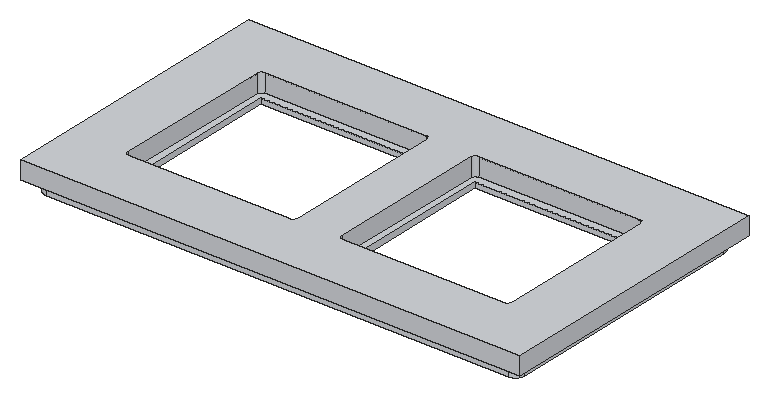
Revit family "Gira_0212126", category Electrical Fixtures, host Face, Revit 2017
Family settings
  Host = Face
  Maintain Annotation Orientation = No
  Round Connector Dimension = Use Diameter
  Part Type = Normal
  Cut with Voids When Loaded = No
  Shared = No
  Room Calculation Point = No
Parameters (values of type "Abdeckrahmen 2f Gira Esprit Alum.Schwarz")
  Werkstoffgüte = "aluminium"
  Werkstoff = "Metall"
  URL = "http://katalog.gira.de/de_DE/datenblatt.html?artikelnr=0212126"
  Transparent = "No"
  Textfeld/Beschriftungsfläche = "No"
  Schutzart (IP) = "IP20"
  Region = "DE"
  Oberfläche = "sonstige"
  Name = "Abdeckrahmen 2f Gira Esprit Alum.Schwarz"
  Montagerichtung = "horizontal und vertikal"
  Mit Montagerahmen = "No"
  Mit Klappdeckel = "No"
  Manufacturer URL = "https://www.gira.de/"
  Keynote = "Espr._Rahmen_2fach"
  HeinzeBIM = "https://bimportal.heinze.de/bim/abdeckrahmen-2f-gira-esprit-alum-schwarz/338c89755d987bff82f9b63c554c02a872f2e644"
  Halogenfrei = "No"
  HAN = "0212126"
  Geeignet für Unterputz-Installation = "Yes"
  Geeignet für Unterflurkanaldose = "No"
  Geeignet für Geräteeinbaukanal = "No"
  Geeignet für Einbauinstallation = "No"
  GTIN = "4010337109020"
  Farbe = "schwarz"
  Default Elevation = 1219.2 mm
  Data sheet (1) = "https://katalog.gira.de/de_DE/download.html?artikelnr=0212126"
  Category = "Abdeckrahmen"
  Befestigungsart = "Klemmbefestigung"
  Available = "Yes"
  Anzahl der Einheiten vertikal = "2 "
  Anzahl der Einheiten horizontal = "2 "
  Anzahl der Einheiten = "2 "
Reference planes
  plane 1 "Center (Front/Back)": y = 0
  plane 2: z = 0
  plane 3 "Center (Left/Right)": x = 0
Forms (mm)
  Extrusion 1, solid, detail levels fine
    sketch origin (0, 0, 0) x (1, 0, 0) y (0, 1, 0)
      loop
        line (-83, 47.5) -> (-83, -47.5) -> (83, -47.5) -> (83, 47.5) -> (-83, 47.5)
      loop
        arc (-63.75, -26.7) -> (-63.311, -27.761) -> (-62.25, -28.2) r 1.5
        line (-62.25, -28.2) -> (-8.85, -28.2)
        arc (-8.85, -28.2) -> (-7.789, -27.761) -> (-7.35, -26.7) r 1.5
        line (-7.35, -26.7) -> (-7.35, 26.7)
        arc (-7.35, 26.7) -> (-7.789, 27.761) -> (-8.85, 28.2) r 1.5
        line (-8.85, 28.2) -> (-62.25, 28.2)
        arc (-62.25, 28.2) -> (-63.311, 27.761) -> (-63.75, 26.7) r 1.5
        line (-63.75, 26.7) -> (-63.75, -26.7)
      loop
        line (63.75, -26.7) -> (63.75, 26.7)
        arc (63.75, 26.7) -> (63.311, 27.761) -> (62.25, 28.2) r 1.5
        line (62.25, 28.2) -> (8.85, 28.2)
        arc (8.85, 28.2) -> (7.789, 27.761) -> (7.35, 26.7) r 1.5
        line (7.35, 26.7) -> (7.35, -26.7)
        arc (7.35, -26.7) -> (7.789, -27.761) -> (8.85, -28.2) r 1.5
        line (8.85, -28.2) -> (62.25, -28.2)
        arc (62.25, -28.2) -> (63.311, -27.761) -> (63.75, -26.7) r 1.5
    from 0 to 6
  Extrusion 2, solid, detail levels fine
    sketch origin (0, 0, 0) x (1, 0, 0) y (0, 1, 0)
      loop
        line (-61.45, -25.7) -> (-9.65, -25.7) -> (-9.65, 25.7) -> (-61.45, 25.7) -> (-61.45, -25.7)
      loop
        line (61.45, 25.7) -> (9.65, 25.7) -> (9.65, -25.7) -> (61.45, -25.7) -> (61.45, 25.7)
      loop
        arc (-78.454, -41.3) -> (-77.927, -42.573) -> (-76.654, -43.1) r 1.8
        line (-76.654, -43.1) -> (76.654, -43.1)
        arc (76.654, -43.1) -> (77.927, -42.573) -> (78.454, -41.3) r 1.8
        line (78.454, -41.3) -> (78.454, 41.3)
        arc (78.454, 41.3) -> (77.927, 42.573) -> (76.654, 43.1) r 1.8
        line (76.654, 43.1) -> (-76.654, 43.1)
        arc (-76.654, 43.1) -> (-77.927, 42.573) -> (-78.454, 41.3) r 1.8
        line (-78.454, 41.3) -> (-78.454, -41.3)
    from -1.9 to 0
  Extrusion 3, solid, detail levels fine
    sketch origin (0, 0, 0) x (1, 0, 0) y (0, 1, 0)
      loop
        arc (-76.75, 44.4) -> (-78.871, 43.521) -> (-79.75, 41.4) r 3
        line (-79.75, 41.4) -> (-79.75, -41.4)
        arc (-79.75, -41.4) -> (-78.871, -43.521) -> (-76.75, -44.4) r 3
        line (-76.75, -44.4) -> (76.75, -44.4)
        arc (76.75, -44.4) -> (78.871, -43.521) -> (79.75, -41.4) r 3
        line (79.75, -41.4) -> (79.75, 41.4)
        arc (79.75, 41.4) -> (78.871, 43.521) -> (76.75, 44.4) r 3
        line (76.75, 44.4) -> (-76.75, 44.4)
      loop
        arc (-78.55, -41.4) -> (-78.023, -42.673) -> (-76.75, -43.2) r 1.8
        line (-76.75, -43.2) -> (76.75, -43.2)
        arc (76.75, -43.2) -> (78.023, -42.673) -> (78.55, -41.4) r 1.8
        line (78.55, -41.4) -> (78.55, 41.4)
        arc (78.55, 41.4) -> (78.023, 42.673) -> (76.75, 43.2) r 1.8
        line (76.75, 43.2) -> (-76.75, 43.2)
        arc (-76.75, 43.2) -> (-78.023, 42.673) -> (-78.55, 41.4) r 1.8
        line (-78.55, 41.4) -> (-78.55, -41.4)
    from -3.7 to 0
  Extrusion 4, solid, detail levels medium
    sketch origin (0, 0, 0) x (1, 0, 0) y (0, 1, 0)
      loop
        line (-83, 47.5) -> (-83, -47.5) -> (83, -47.5) -> (83, 47.5) -> (-83, 47.5)
    from 0 to 6
  Extrusion 5, solid, detail levels medium
    sketch origin (0, 0, 0) x (1, 0, 0) y (0, 1, 0)
      loop
        line (-79.75, 44.4) -> (-79.75, -44.4) -> (79.75, -44.4) -> (79.75, 44.4) -> (-79.75, 44.4)
    from -3.7 to 0
  Extrusion 6, solid, detail levels coarse
    sketch origin (0, 0, 0) x (1, 0, 0) y (0, 1, 0)
      loop
        line (-83, 47.5) -> (-83, -47.5) -> (83, -47.5) -> (83, 47.5) -> (-83, 47.5)
    from -3.7 to 6
Dimensions and locks
  aligned and locked: plane 2 to host face
  aligned and locked: level to host face
